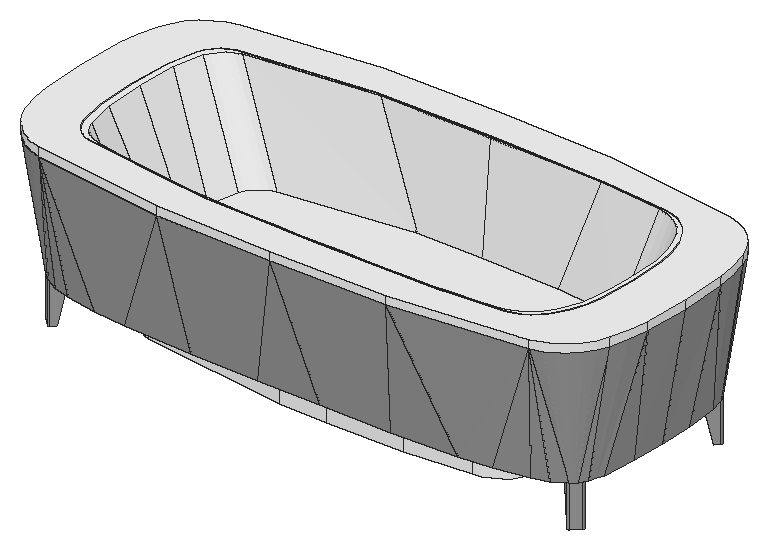
Revit family "Bathtub-FreestandingBathtub-Vitra-WaterJewelsSeries-53500096000", category Plumbing Fixtures, host Face, Revit 2017
Family settings
  Host = Face
  Round Connector Dimension = Use Diameter
  Part Type = Normal
  OmniClass Number = 23.45.05.14.17
  OmniClass Title = Showers
  Cut with Voids When Loaded = No
  Shared = Yes
  Room Calculation Point = No
Parameters (values of type "Bathtub-FreeStandingBathtub-Vitra-WaterJewelsSeries_53500096000")
  Youtube = "https://www.youtube.com/user/VitrAglobal"
  Weight Net (kg) = "60,000"
  Waste Connection = yes
  Warranty Period (Year) = "10 Years"
  Vent Connection = no
  Uniformat II Description = "Plumbing Fixtures"
  Uniformat II Code = "D2010"
  Uniclass 2015 Name = "Baths"
  Uniclass 2015 Code = "Pr_40_20_06_08"
  Uniclass 2.0 Description = "Baths"
  Uniclass 1.4 Description = "Baths"
  Uniclass 2.0 Code = "PR-35-06-08"
  Uniclass 1.4 Code = "L7211"
  URL = "https://vitraglobal.com/"
  UNSPSC Description = "Bathtubs"
  UNSPSC Code = "30181501"
  Technical description = "https://www.vitraglobal.com/showering-areas/bathtubs/acrylic/water-jewels-free-standing-bathtub-sku-53500096000/print"
  Tap hole Options (default) = ""
  Specification = ""
  Secondary Material = Ceramic-White
  Region South America = "All"
  Region Oceania = "All"
  Region North America = "All"
  Region Middle East = "All"
  Region Europe = "All"
  Region Asia = "All"
  Region Antarctica = "All"
  Region Africa = "All"
  Product group = "Free Standing Bathtub"
  Product family = "Floor Mounted Bathtub"
  Product data url = "https://www.vitraglobal.com/showering-areas/bathtubs/acrylic/water-jewels-free-standing-bathtub-sku-53500096000"
  Product certification = "https://vitraglobal.com/catalogues/quality-certificates"
  Product SKU = "53500096000"
  Product Manual = ""
  Product Guid = "https://cdn.vitra.com.tr/501-53500096000-KK.pdf"
  Primary material = Black
  NominalWidth = 1900 mm
  NominalHeight = 560 mm
  Nominal Depth = 900 mm
  MountingType = "Floor Mounted"
  Main Material = "Ceramic"
  Help = ""
  HW Connection = no
  EAN code = ""
  Cost = 0
  OmniClass Description = "Bathtubs"
  OmniClass Code = "23-31 15 00"
  NBS Referans Description = "Baths"
  NBS Referans Code = "35-06-08"
  Model = "53500096000"
  Masterformat 2014 Description = "Residential Bathtubs"
  Masterformat 2014 Code = "22 41 19"
  Manufacturer name = "Vitra"
  Manufacturer = "Vitra"
  Installation instructions = "https://cdn.vitra.com.tr/501-53500096000-MD.pdf"
  IFC Classification = "Sanitary Terminal"
  Design country = "Turkey"
  Description = "VitrA Water Jewels Free Standing Bathtub"
  Default Elevation = 0 mm
  Color = ""
  CW Connection = no
  COBIe Type Category = ""
  Brand = ""
  BIMobject category = "Sanitary - Bath & Spas"
  Article No. (default) = "53500096000"
  Accessories (default) = ""
Reference planes
  plane 1 "Center (Front/Back)": y = 0
  plane 2: z = 0.034
  plane 3 "Center (Left/Right)": x = -7.188
  plane 4: y = 449.999
  plane 5: z = 0
  plane 6: y = -450.001
  plane 7: x = 900
  plane 8: x = -1000
  plane 9: z = 560.034
Forms (mm)
  Blend 1, solid, material "Black" <- "Primary material"
    base sketch origin (894.699, -450, 560.681) x (-1, 0, 0) y (0, -1, 0)
      loop
        arc (171.857, -845.081) -> (376.804, -878.671) -> (583.874, -894.612) r 2426.259
        arc (583.874, -894.612) -> (764.268, -898.474) -> (944.699, -899.762) r 12641.728
        arc (944.699, -899.762) -> (1125.129, -898.474) -> (1305.523, -894.612) r 12641.728
        arc (1305.523, -894.612) -> (1512.593, -878.671) -> (1717.541, -845.081) r 2426.259
        arc (1717.541, -845.081) -> (1809.651, -798.398) -> (1865.73, -711.688) r 198
        arc (1865.73, -711.688) -> (1880.73, -653.581) -> (1888.949, -594.134) r 521
        arc (1888.949, -594.134) -> (1893.264, -522.065) -> (1894.699, -449.881) r 1808.602
        arc (1894.699, -449.881) -> (1893.264, -377.697) -> (1888.949, -305.628) r 1808.602
        arc (1888.949, -305.628) -> (1880.73, -246.181) -> (1865.73, -188.074) r 521
        arc (1865.73, -188.074) -> (1809.651, -101.364) -> (1717.541, -54.681) r 198
        arc (1717.541, -54.681) -> (1512.593, -21.091) -> (1305.523, -5.15) r 2426.259
        arc (1305.523, -5.15) -> (1125.129, -1.288) -> (944.698, 0) r 12641.728
        arc (944.698, 0) -> (764.268, -1.288) -> (583.875, -5.15) r 12641.728
        arc (583.875, -5.15) -> (376.805, -21.091) -> (171.857, -54.681) r 2426.259
        arc (171.857, -54.681) -> (79.747, -101.364) -> (23.668, -188.074) r 198
        arc (23.668, -188.074) -> (8.668, -246.181) -> (0.449, -305.629) r 521
        arc (0.449, -305.629) -> (-3.866, -377.697) -> (-5.301, -449.881) r 1808.602
        arc (-5.301, -449.881) -> (-3.866, -522.065) -> (0.449, -594.134) r 1808.602
        arc (0.449, -594.134) -> (8.668, -653.581) -> (23.668, -711.688) r 521
        arc (23.668, -711.688) -> (79.747, -798.398) -> (171.857, -845.081) r 198
    top sketch origin (-926.432, -450, 130.678) x (0, -1, 0) y (1, 0, 0)
      loop
        line (-237.56, 8.793) -> (-188.355, 23.6) -> (-166.57, 37.234) -> (-148.899, 55.892) -> (-125.066, 101.386) -> (-110.168, 150.681) -> (-92.597, 251.078) -> (-82.982, 352.585) -> (-74.5, 567.461) -> (-72.815, 780.155) -> (-72.819, 975.363) -> (-74.723, 1197.304) -> (-83.07, 1401.599) -> (-93.049, 1505.397) -> (-111.601, 1607.961) -> (-126.479, 1655.137) -> (-150.047, 1698.487) -> (-167.262, 1716.191) -> (-188.247, 1729.207) -> (-235.443, 1743.674) -> (-342.472, 1752.836) -> (-450, 1753.663) -> (-557.528, 1752.836) -> (-664.557, 1743.674) -> (-711.753, 1729.207) -> (-732.738, 1716.191) -> (-749.953, 1698.487) -> (-773.521, 1655.137) -> (-788.399, 1607.961) -> (-806.951, 1505.397) -> (-816.93, 1401.599) -> (-825.277, 1197.304) -> (-827.181, 975.363) -> (-827.185, 780.155) -> (-825.5, 567.461) -> (-817.018, 352.585) -> (-807.403, 251.078) -> (-789.832, 150.681) -> (-774.934, 101.386) -> (-751.102, 55.892) -> (-733.43, 37.234) -> (-711.645, 23.6) -> (-662.44, 8.793) -> (-556.449, 0) -> (-450, -0.795) -> (-343.551, 0) -> (-237.56, 8.793)
    from -25.769 to 0.174
  Extrusion 2, solid, material "Black" <- "Primary material"
    sketch origin (893.373, -448.674, 560.855) x (0, -1, 0) y (-1, 0, 0)
      loop
        line (-209.776, 126.05) -> (-180.867, 96.631)
        arc (-180.867, 96.631) -> (-177.344, 95.136) -> (-173.796, 96.569) r 5
        line (-173.796, 96.569) -> (-149.533, 120.413)
        arc (-149.533, 120.413) -> (-148.037, 123.935) -> (-149.471, 127.483) r 5
        line (-149.471, 127.483) -> (-178.38, 156.902)
        arc (-178.38, 156.902) -> (-181.903, 158.397) -> (-185.451, 156.964) r 5
        line (-185.451, 156.964) -> (-209.714, 133.121)
        arc (-209.714, 133.121) -> (-211.21, 129.598) -> (-209.776, 126.05) r 5
    from 560.681 to 430.003
  Extrusion 3, void
    sketch origin (765.89, -299.203, 560.855) x (-0.713257, 0.700903, 0) y (0, 0, -1)
      loop
        line (46.896, 430.003) -> (54.237, 430.003) -> (54.237, 571.462) -> (14.237, 571.462) -> (46.896, 430.003)
    from 8.489 to -61.819
  Extrusion 4, solid, material "Black" <- "Primary material"
    sketch origin (893.373, 448.436, 560.855) x (0, -1, 0) y (-1, 0, 0)
      loop
        arc (209.776, 126.05) -> (211.21, 129.598) -> (209.714, 133.121) r 5
        line (209.714, 133.121) -> (185.451, 156.964)
        arc (185.451, 156.964) -> (181.903, 158.397) -> (178.38, 156.902) r 5
        line (178.38, 156.902) -> (149.471, 127.483)
        arc (149.471, 127.483) -> (148.037, 123.935) -> (149.533, 120.413) r 5
        line (149.533, 120.413) -> (173.796, 96.569)
        arc (173.796, 96.569) -> (177.344, 95.136) -> (180.867, 96.631) r 5
        line (180.867, 96.631) -> (209.776, 126.05)
    from 560.681 to 430.003
  Extrusion 5, void
    sketch origin (765.89, 298.965, 560.855) x (-0.713257, -0.700903, 0) y (0, 0, 1)
      loop
        line (46.896, -430.003) -> (14.237, -571.462) -> (54.237, -571.462) -> (54.237, -430.003) -> (46.896, -430.003)
    from 8.489 to -61.819
  Extrusion 6, solid, material "Black" <- "Primary material"
    sketch origin (-992.123, -448.674, 560.855) x (0, 1, 0) y (1, 0, 0)
      loop
        arc (209.776, 126.05) -> (211.21, 129.598) -> (209.714, 133.121) r 5
        line (209.714, 133.121) -> (185.451, 156.964)
        arc (185.451, 156.964) -> (181.903, 158.397) -> (178.38, 156.902) r 5
        line (178.38, 156.902) -> (149.471, 127.483)
        arc (149.471, 127.483) -> (148.037, 123.935) -> (149.533, 120.413) r 5
        line (149.533, 120.413) -> (173.796, 96.569)
        arc (173.796, 96.569) -> (177.344, 95.136) -> (180.867, 96.631) r 5
        line (180.867, 96.631) -> (209.776, 126.05)
    from 560.681 to 430.003
  Extrusion 7, void
    sketch origin (-864.64, -299.203, 560.855) x (0.713257, 0.700903, 0) y (0, 0, 1)
      loop
        line (46.896, -430.003) -> (14.237, -571.462) -> (54.237, -571.462) -> (54.237, -430.003) -> (46.896, -430.003)
    from 8.489 to -61.819
  Extrusion 8, solid, material "Black" <- "Primary material"
    sketch origin (-992.123, 448.436, 560.855) x (0, 1, 0) y (1, 0, 0)
      loop
        line (-209.776, 126.05) -> (-180.867, 96.631)
        arc (-180.867, 96.631) -> (-177.344, 95.136) -> (-173.796, 96.569) r 5
        line (-173.796, 96.569) -> (-149.533, 120.413)
        arc (-149.533, 120.413) -> (-148.037, 123.935) -> (-149.471, 127.483) r 5
        line (-149.471, 127.483) -> (-178.38, 156.902)
        arc (-178.38, 156.902) -> (-181.903, 158.397) -> (-185.451, 156.964) r 5
        line (-185.451, 156.964) -> (-209.714, 133.121)
        arc (-209.714, 133.121) -> (-211.21, 129.598) -> (-209.776, 126.05) r 5
    from 560.681 to 430.003
  Extrusion 9, void
    sketch origin (-864.64, 298.965, 560.855) x (0.713257, -0.700903, 0) y (0, 0, -1)
      loop
        line (46.896, 430.003) -> (54.237, 430.003) -> (54.237, 571.462) -> (14.237, 571.462) -> (46.896, 430.003)
    from 8.489 to -61.819
  Extrusion 10, solid, material "Ceramic-White" <- "Secondary Material"
    sketch origin (894.699, -450, 534.912) x (-1, 0, 0) y (0, -1, 0)
      loop
        arc (171.857, -845.081) -> (376.804, -878.671) -> (583.874, -894.612) r 2426.259
        arc (583.874, -894.612) -> (764.268, -898.474) -> (944.699, -899.762) r 12641.728
        arc (944.699, -899.762) -> (1125.129, -898.474) -> (1305.523, -894.612) r 12641.728
        arc (1305.523, -894.612) -> (1512.593, -878.671) -> (1717.541, -845.081) r 2426.259
        arc (1717.541, -845.081) -> (1809.651, -798.398) -> (1865.73, -711.688) r 198
        arc (1865.73, -711.688) -> (1880.73, -653.581) -> (1888.949, -594.134) r 521
        arc (1888.949, -594.134) -> (1893.264, -522.065) -> (1894.699, -449.881) r 1808.602
        arc (1894.699, -449.881) -> (1893.264, -377.697) -> (1888.949, -305.628) r 1808.602
        arc (1888.949, -305.628) -> (1880.73, -246.181) -> (1865.73, -188.074) r 521
        arc (1865.73, -188.074) -> (1809.651, -101.364) -> (1717.541, -54.681) r 198
        arc (1717.541, -54.681) -> (1512.593, -21.091) -> (1305.523, -5.15) r 2426.259
        arc (1305.523, -5.15) -> (1125.129, -1.288) -> (944.699, 0) r 12641.728
        arc (944.699, 0) -> (764.269, -1.288) -> (583.875, -5.15) r 12641.728
        arc (583.875, -5.15) -> (376.805, -21.091) -> (171.857, -54.681) r 2426.259
        arc (171.857, -54.681) -> (79.747, -101.364) -> (23.668, -188.074) r 198
        arc (23.668, -188.074) -> (8.668, -246.181) -> (0.449, -305.629) r 521
        arc (0.449, -305.629) -> (-3.866, -377.697) -> (-5.301, -449.881) r 1808.602
        arc (-5.301, -449.881) -> (-3.866, -522.065) -> (0.449, -594.134) r 1808.602
        arc (0.449, -594.134) -> (8.668, -653.581) -> (23.668, -711.688) r 521
        arc (23.668, -711.688) -> (79.747, -798.398) -> (171.857, -845.081) r 198
      loop
        arc (318.434, -772.007) -> (417.099, -782.148) -> (516.104, -788.124) r 2354.122
        arc (516.104, -788.124) -> (700.389, -791.429) -> (884.699, -792.778) r 17368.999
        arc (884.699, -792.778) -> (1065.803, -791.459) -> (1246.884, -788.252) r 17383.332
        arc (1246.884, -788.252) -> (1445.964, -772.352) -> (1643.041, -740.002) r 2406.998
        arc (1643.041, -740.002) -> (1687.559, -716.558) -> (1714.663, -674.169) r 98.377
        arc (1714.663, -674.169) -> (1726.552, -628.408) -> (1733.702, -581.671) r 461.997
        arc (1733.702, -581.671) -> (1737.528, -516.896) -> (1738.854, -452.022) r 1682.28
        arc (1738.854, -452.022) -> (1737.618, -385.297) -> (1733.733, -318.673) r 1679.577
        arc (1733.733, -318.673) -> (1726.531, -272.04) -> (1714.662, -226.371) r 467.231
        arc (1714.662, -226.371) -> (1687.617, -184.037) -> (1643.198, -160.575) r 98.377
        arc (1643.198, -160.575) -> (1442.471, -127.763) -> (1239.675, -112.214) r 2379.294
        arc (1239.675, -112.214) -> (1062.198, -109.062) -> (884.699, -107.763) r 16996.393
        arc (884.699, -107.763) -> (700.842, -109.107) -> (517.01, -112.408) r 17273.691
        arc (517.01, -112.408) -> (417.551, -118.375) -> (318.434, -128.553) r 2349.572
        arc (318.434, -128.553) -> (258.094, -149.61) -> (211.995, -193.874) r 150
        arc (211.995, -193.874) -> (178.685, -260.883) -> (163.253, -334.106) r 295.843
        arc (163.253, -334.106) -> (159.966, -391.957) -> (158.874, -449.891) r 1529.013
        arc (158.874, -449.891) -> (159.993, -508.93) -> (163.361, -567.883) r 1549.898
        arc (163.361, -567.883) -> (178.93, -640.359) -> (212.005, -706.701) r 296.238
        arc (212.005, -706.701) -> (258.101, -750.955) -> (318.434, -772.007) r 150
    from 0 to 25.769
  Extrusion 11, solid, material "Ceramic-White" <- "Secondary Material"
    sketch origin (741.082, -451.963, 233.667) x (0, 1, 0) y (-1, 0, 0)
      loop
        arc (757.248, 727.619) -> (756.836, 829.233) -> (755.601, 930.841) r 12541.728
        arc (755.601, 930.841) -> (736.564, 1132.676) -> (703.485, 1332.689) r 2902.491
        arc (703.485, 1332.689) -> (679.821, 1375.181) -> (638.642, 1401.062) r 98
        arc (638.642, 1401.062) -> (592.543, 1413.036) -> (545.877, 1422.567) r 904.84
        arc (545.877, 1422.567) -> (498.968, 1424.556) -> (452.022, 1425.255) r 1707.99
        arc (452.022, 1425.255) -> (404.82, 1424.666) -> (357.652, 1422.774) r 1708.264
        arc (357.652, 1422.774) -> (311.517, 1412.933) -> (265.862, 1401.062) r 1066.76
        arc (265.862, 1401.062) -> (224.807, 1375.31) -> (201.111, 1333.034) r 98
        arc (201.111, 1333.034) -> (164.824, 1107.092) -> (148.169, 878.862) r 2649.493
        arc (148.169, 878.862) -> (147.485, 803.242) -> (147.257, 727.619) r 12541.728
        arc (147.257, 727.619) -> (147.826, 608.13) -> (149.534, 488.652) r 12541.728
        arc (149.534, 488.652) -> (157.924, 386.815) -> (168.048, 285.136) r 5993.039
        arc (168.048, 285.136) -> (189.106, 224.795) -> (233.371, 178.698) r 150
        arc (233.371, 178.698) -> (303.601, 144.224) -> (379.944, 127.124) r 332.331
        arc (379.944, 127.124) -> (414.909, 125.963) -> (449.891, 125.578) r 1576.239
        arc (449.891, 125.578) -> (491.579, 126.125) -> (533.237, 127.775) r 1576.239
        arc (533.237, 127.775) -> (604.984, 145.684) -> (671.154, 178.698) r 339.627
        arc (671.154, 178.698) -> (715.419, 224.795) -> (736.476, 285.136) r 150
        arc (736.476, 285.136) -> (746.525, 385.977) -> (754.939, 486.968) r 6256.955
        arc (754.939, 486.968) -> (756.67, 607.288) -> (757.248, 727.619) r 12541.728
    from -102.989 to -195.676
  Extrusion 12, solid
    sketch origin (741.082, -451.963, 37.991) x (-1, 0, 0) y (0, 1, 0)
      loop
        circle (401.082, 451.963) r 26
    from 12.308 to -92.687
  Blend 13, void
    base sketch origin (737.619, -450, 147.734) x (0, 1, 0) y (-1, 0, 0)
      loop
        arc (148.169, 878.862) -> (147.485, 803.242) -> (147.257, 727.619) r 12541.728
        arc (147.257, 727.619) -> (147.826, 608.13) -> (149.534, 488.652) r 12541.728
        arc (149.534, 488.652) -> (157.924, 386.815) -> (168.048, 285.136) r 5993.039
        arc (168.048, 285.136) -> (189.106, 224.795) -> (233.371, 178.698) r 150
        arc (233.371, 178.698) -> (303.601, 144.224) -> (379.944, 127.124) r 332.331
        arc (379.944, 127.124) -> (414.909, 125.963) -> (449.891, 125.578) r 1576.239
        arc (449.891, 125.578) -> (491.579, 126.125) -> (533.237, 127.775) r 1576.239
        arc (533.237, 127.775) -> (604.984, 145.684) -> (671.154, 178.698) r 339.627
        arc (671.154, 178.698) -> (715.419, 224.795) -> (736.476, 285.136) r 150
        arc (736.476, 285.136) -> (746.525, 385.977) -> (754.939, 486.968) r 6256.955
        arc (754.939, 486.968) -> (756.67, 607.288) -> (757.248, 727.619) r 12541.728
        arc (757.248, 727.619) -> (756.836, 829.233) -> (755.601, 930.841) r 12541.728
        arc (755.601, 930.841) -> (736.564, 1132.676) -> (703.485, 1332.689) r 2902.491
        arc (703.485, 1332.689) -> (679.821, 1375.181) -> (638.642, 1401.062) r 98
        arc (638.642, 1401.062) -> (592.543, 1413.036) -> (545.877, 1422.567) r 904.84
        arc (545.877, 1422.567) -> (498.968, 1424.556) -> (452.022, 1425.255) r 1707.99
        arc (452.022, 1425.255) -> (404.82, 1424.666) -> (357.652, 1422.774) r 1708.264
        arc (357.652, 1422.774) -> (311.517, 1412.933) -> (265.862, 1401.062) r 1066.76
        arc (265.862, 1401.062) -> (224.807, 1375.31) -> (201.111, 1333.034) r 98
        arc (201.111, 1333.034) -> (164.824, 1107.092) -> (148.169, 878.862) r 2649.493
    top sketch origin (-934.699, -450, 534.912) x (1, 0, 0) y (0, 1, 0)
      loop
        arc (156.234, 747.18) -> (111.319, 723.782) -> (83.973, 681.157) r 98.475
        arc (83.973, 681.157) -> (72.147, 635.693) -> (65.455, 589.196) r 420.532
        arc (65.455, 589.196) -> (61.239, 520.666) -> (59.78, 452.022) r 1707.99
        arc (59.78, 452.022) -> (61.151, 381.236) -> (65.466, 310.567) r 1708.264
        arc (65.466, 310.567) -> (72.147, 264.069) -> (83.973, 218.605) r 420.532
        arc (83.973, 218.605) -> (111.274, 176.02) -> (156.115, 152.607) r 98.479
        arc (156.115, 152.607) -> (351.884, 120.478) -> (549.68, 105.147) r 2326.259
        arc (549.68, 105.147) -> (747.175, 101.509) -> (944.699, 100) r 18330.876
        arc (944.699, 100) -> (1141.207, 101.497) -> (1337.688, 105.111) r 18233.766
        arc (1337.688, 105.111) -> (1436.678, 110.602) -> (1535.295, 120.791) r 2085.319
        arc (1535.295, 120.791) -> (1595.636, 141.849) -> (1641.733, 186.113) r 150
        arc (1641.733, 186.113) -> (1674.815, 252.49) -> (1689.918, 325.099) r 289.051
        arc (1689.918, 325.099) -> (1693.622, 387.446) -> (1694.853, 449.891) r 1576.239
        arc (1694.853, 449.891) -> (1693.622, 512.336) -> (1689.918, 574.683) r 1576.239
        arc (1689.918, 574.683) -> (1674.815, 647.292) -> (1641.733, 713.668) r 289.051
        arc (1641.733, 713.668) -> (1595.636, 757.933) -> (1535.295, 778.991) r 150
        arc (1535.295, 778.991) -> (1437.053, 789.15) -> (1338.441, 794.647) r 2085.319
        arc (1338.441, 794.647) -> (1141.583, 798.261) -> (944.699, 799.762) r 18342.889
        arc (944.699, 799.762) -> (747.971, 798.264) -> (551.271, 794.669) r 18466.236
        arc (551.271, 794.669) -> (352.735, 779.386) -> (156.234, 747.18) r 2326.259
    from 23.863 to 76.474
  Blend 14, solid, material "Ceramic-White" <- "Secondary Material"
    base sketch origin (737.619, -450, 171.597) x (0, 1, 0) y (-1, 0, 0)
      loop
        arc (703.485, 1332.689) -> (679.821, 1375.181) -> (638.642, 1401.062) r 98
        arc (638.642, 1401.062) -> (592.543, 1413.036) -> (545.877, 1422.567) r 904.84
        arc (545.877, 1422.567) -> (498.968, 1424.556) -> (452.022, 1425.255) r 1707.99
        arc (452.022, 1425.255) -> (404.82, 1424.666) -> (357.652, 1422.774) r 1708.264
        arc (357.652, 1422.774) -> (311.517, 1412.933) -> (265.862, 1401.062) r 1066.76
        arc (265.862, 1401.062) -> (224.807, 1375.31) -> (201.111, 1333.034) r 98
        arc (201.111, 1333.034) -> (164.824, 1107.092) -> (148.169, 878.862) r 2649.493
        arc (148.169, 878.862) -> (147.485, 803.242) -> (147.257, 727.619) r 12541.728
        arc (147.257, 727.619) -> (147.826, 608.13) -> (149.534, 488.652) r 12541.728
        arc (149.534, 488.652) -> (157.924, 386.815) -> (168.048, 285.136) r 5993.039
        arc (168.048, 285.136) -> (189.106, 224.795) -> (233.371, 178.698) r 150
        arc (233.371, 178.698) -> (303.601, 144.224) -> (379.944, 127.124) r 332.331
        arc (379.944, 127.124) -> (414.909, 125.963) -> (449.891, 125.578) r 1576.239
        arc (449.891, 125.578) -> (491.579, 126.125) -> (533.237, 127.775) r 1576.239
        arc (533.237, 127.775) -> (604.984, 145.684) -> (671.154, 178.698) r 339.627
        arc (671.154, 178.698) -> (715.419, 224.795) -> (736.476, 285.136) r 150
        arc (736.476, 285.136) -> (746.525, 385.977) -> (754.939, 486.968) r 6256.955
        arc (754.939, 486.968) -> (756.67, 607.288) -> (757.248, 727.619) r 12541.728
        arc (757.248, 727.619) -> (756.836, 829.233) -> (755.601, 930.841) r 12541.728
        arc (755.601, 930.841) -> (736.564, 1132.676) -> (703.485, 1332.689) r 2902.491
    top sketch origin (894.699, -450, 560.681) x (-1, 0, 0) y (0, -1, 0)
      loop
        arc (1246.884, -788.252) -> (1445.964, -772.352) -> (1643.041, -740.002) r 2406.998
        arc (1643.041, -740.002) -> (1687.559, -716.558) -> (1714.663, -674.169) r 98.377
        arc (1714.663, -674.169) -> (1726.552, -628.408) -> (1733.702, -581.671) r 461.997
        arc (1733.702, -581.671) -> (1737.528, -516.896) -> (1738.854, -452.022) r 1682.28
        arc (1738.854, -452.022) -> (1737.618, -385.297) -> (1733.733, -318.673) r 1679.577
        arc (1733.733, -318.673) -> (1726.531, -272.04) -> (1714.662, -226.371) r 467.231
        arc (1714.662, -226.371) -> (1687.617, -184.037) -> (1643.198, -160.575) r 98.377
        arc (1643.198, -160.575) -> (1442.471, -127.763) -> (1239.675, -112.214) r 2379.294
        arc (1239.675, -112.214) -> (1062.198, -109.062) -> (884.699, -107.763) r 16996.393
        arc (884.699, -107.763) -> (700.842, -109.107) -> (517.01, -112.408) r 17273.691
        arc (517.01, -112.408) -> (417.551, -118.375) -> (318.434, -128.553) r 2349.572
        arc (318.434, -128.553) -> (258.094, -149.61) -> (211.995, -193.874) r 150
        arc (211.995, -193.874) -> (178.685, -260.883) -> (163.253, -334.106) r 295.843
        arc (163.253, -334.106) -> (159.966, -391.957) -> (158.874, -449.891) r 1529.013
        arc (158.874, -449.891) -> (159.993, -508.93) -> (163.361, -567.883) r 1549.898
        arc (163.361, -567.883) -> (178.93, -640.359) -> (212.005, -706.701) r 296.238
        arc (212.005, -706.701) -> (258.101, -750.955) -> (318.434, -772.007) r 150
        arc (318.434, -772.007) -> (417.099, -782.148) -> (516.104, -788.124) r 2354.122
        arc (516.104, -788.124) -> (700.389, -791.429) -> (884.699, -792.778) r 17368.999
        arc (884.699, -792.778) -> (1065.803, -791.459) -> (1246.884, -788.252) r 17383.332
    from 0 to 0
  Blend 15, void
    base sketch origin (741.082, -451.963, 220) x (0, 1, 0) y (-1, 0, 0)
      loop
        arc (703.485, 1332.689) -> (679.821, 1375.181) -> (638.642, 1401.062) r 98
        arc (638.642, 1401.062) -> (592.543, 1413.036) -> (545.877, 1422.567) r 904.84
        arc (545.877, 1422.567) -> (498.968, 1424.556) -> (452.022, 1425.255) r 1707.99
        arc (452.022, 1425.255) -> (404.82, 1424.666) -> (357.652, 1422.774) r 1708.264
        arc (357.652, 1422.774) -> (311.517, 1412.933) -> (265.862, 1401.062) r 1066.76
        arc (265.862, 1401.062) -> (224.807, 1375.31) -> (201.111, 1333.034) r 98
        arc (201.111, 1333.034) -> (164.824, 1107.092) -> (148.169, 878.862) r 2649.493
        arc (148.169, 878.862) -> (147.485, 803.242) -> (147.257, 727.619) r 12541.728
        arc (147.257, 727.619) -> (147.826, 608.13) -> (149.534, 488.652) r 12541.728
        arc (149.534, 488.652) -> (157.924, 386.815) -> (168.048, 285.136) r 5993.039
        arc (168.048, 285.136) -> (189.106, 224.795) -> (233.371, 178.698) r 150
        arc (233.371, 178.698) -> (303.601, 144.224) -> (379.944, 127.124) r 332.331
        arc (379.944, 127.124) -> (414.909, 125.963) -> (449.891, 125.578) r 1576.239
        arc (449.891, 125.578) -> (491.579, 126.125) -> (533.237, 127.775) r 1576.239
        arc (533.237, 127.775) -> (604.984, 145.684) -> (671.154, 178.698) r 339.627
        arc (671.154, 178.698) -> (715.419, 224.795) -> (736.476, 285.136) r 150
        arc (736.476, 285.136) -> (746.525, 385.977) -> (754.939, 486.968) r 6256.955
        arc (754.939, 486.968) -> (756.67, 607.288) -> (757.248, 727.619) r 12541.728
        arc (757.248, 727.619) -> (756.836, 829.233) -> (755.601, 930.841) r 12541.728
        arc (755.601, 930.841) -> (736.564, 1132.676) -> (703.485, 1332.689) r 2902.491
    top sketch origin (898.162, -451.963, 609.084) x (-1, 0, 0) y (0, -1, 0)
      loop
        arc (1246.884, -788.252) -> (1445.964, -772.352) -> (1643.041, -740.002) r 2406.998
        arc (1643.041, -740.002) -> (1687.559, -716.558) -> (1714.663, -674.169) r 98.377
        arc (1714.663, -674.169) -> (1726.552, -628.408) -> (1733.702, -581.671) r 461.997
        arc (1733.702, -581.671) -> (1737.528, -516.896) -> (1738.854, -452.022) r 1682.28
        arc (1738.854, -452.022) -> (1737.618, -385.297) -> (1733.733, -318.673) r 1679.577
        arc (1733.733, -318.673) -> (1726.531, -272.04) -> (1714.662, -226.371) r 467.231
        arc (1714.662, -226.371) -> (1687.617, -184.037) -> (1643.198, -160.575) r 98.377
        arc (1643.198, -160.575) -> (1442.471, -127.763) -> (1239.675, -112.214) r 2379.294
        arc (1239.675, -112.214) -> (1062.198, -109.062) -> (884.699, -107.763) r 16996.393
        arc (884.699, -107.763) -> (700.842, -109.107) -> (517.01, -112.408) r 17273.691
        arc (517.01, -112.408) -> (417.551, -118.375) -> (318.434, -128.553) r 2349.572
        arc (318.434, -128.553) -> (258.094, -149.61) -> (211.995, -193.874) r 150
        arc (211.995, -193.874) -> (178.685, -260.883) -> (163.253, -334.106) r 295.843
        arc (163.253, -334.106) -> (159.966, -391.957) -> (158.874, -449.891) r 1529.013
        arc (158.874, -449.891) -> (159.993, -508.93) -> (163.361, -567.883) r 1549.898
        arc (163.361, -567.883) -> (178.93, -640.359) -> (212.005, -706.701) r 296.238
        arc (212.005, -706.701) -> (258.101, -750.955) -> (318.434, -772.007) r 150
        arc (318.434, -772.007) -> (417.099, -782.148) -> (516.104, -788.124) r 2354.122
        arc (516.104, -788.124) -> (700.389, -791.429) -> (884.699, -792.778) r 17368.999
        arc (884.699, -792.778) -> (1065.803, -791.459) -> (1246.884, -788.252) r 17383.332
    from 13.667 to 0
Cuts and joins
  Extrusion 3 cuts Extrusion 2
  Extrusion 5 cuts Extrusion 4
  Extrusion 7 cuts Extrusion 6
  Extrusion 9 cuts Extrusion 8
  Blend 13 cuts Blend 1
  Blend 15 cuts Blend 14
Dimensions and locks
  "Nominal Depth": plane 4 to plane 6
  "NominalWidth": plane 8 to plane 7
  "NominalHeight": plane 9 to host face
  aligned and locked: plane 2 to host face
  aligned and locked: level to host face
Automatic sketch dimensions
  host sketch curve to host sketch curve = 2438.4 mm  (x2)
  Blend 1 sketch curve to Blend 1 sketch curve = 0 mm  (x22)
  Blend 1 sketch curve to plane 4 = 450.27 mm  (x2)
  Blend 1 sketch curve to plane 4 = 449.966 mm  (x2)
  Blend 1 sketch curve to Blend 1 sketch curve = 126.117 mm  (x2)
  Blend 1 sketch curve to plane 4 = 552.86 mm  (x2)
  Blend 1 sketch curve to Blend 1 sketch curve = 307.578 mm  (x3)
  Blend 1 sketch curve to plane 4 = 347.376 mm  (x2)
  Blend 1 sketch curve to plane 4 = 248.762 mm  (x2)
  Blend 1 sketch curve to Blend 1 sketch curve = 1778.768 mm
  Blend 1 sketch curve to Blend 1 sketch curve = 10211.722 mm  (x2)
  Blend 1 sketch curve to Blend 1 sketch curve = 201.204 mm  (x2)
  Blend 1 sketch curve to plane 6 = 1530.243 mm
  Blend 1 sketch curve to Blend 1 sketch curve = 188.546 mm  (x2)
  plane 1 "Center (Front/Back)" to Blend 1 sketch curve = 261.926 mm
  plane 1 "Center (Front/Back)" to Blend 1 sketch curve = 395.319 mm
  Blend 1 sketch curve to Blend 1 sketch curve = 40.358 mm
  Blend 1 sketch curve to Blend 1 sketch curve = 64.082 mm
  plane 1 "Center (Front/Back)" to Blend 1 sketch curve = 444.85 mm  (x2)
  Blend 1 sketch curve to Blend 1 sketch curve = 64.083 mm  (x2)
  Blend 1 sketch curve to Blend 1 sketch curve = 360.825 mm
  Blend 1 sketch curve to Blend 1 sketch curve = 360.823 mm
  Blend 1 sketch curve to plane 4 = 72.815 mm
  Blend 1 sketch curve to Blend 1 sketch curve = 0.003 mm
  Blend 1 sketch curve to Blend 1 sketch curve = 1.684 mm
  Blend 1 sketch curve to Blend 1 sketch curve = 1.905 mm
  Blend 1 sketch curve to Blend 1 sketch curve = 8.482 mm
  Blend 1 sketch curve to Blend 1 sketch curve = 8.347 mm
  Blend 1 sketch curve to Blend 1 sketch curve = 9.616 mm
  Blend 1 sketch curve to Blend 1 sketch curve = 9.979 mm
  Blend 1 sketch curve to Blend 1 sketch curve = 17.571 mm
  Blend 1 sketch curve to Blend 1 sketch curve = 18.552 mm
  Blend 1 sketch curve to Blend 1 sketch curve = 14.898 mm  (x2)
  Blend 1 sketch curve to Blend 1 sketch curve = 14.878 mm  (x2)
  Blend 1 sketch curve to Blend 1 sketch curve = 23.832 mm  (x2)
  Blend 1 sketch curve to Blend 1 sketch curve = 23.568 mm  (x2)
  Blend 1 sketch curve to Blend 1 sketch curve = 17.671 mm  (x2)
  Blend 1 sketch curve to Blend 1 sketch curve = 17.215 mm  (x2)
  Blend 1 sketch curve to Blend 1 sketch curve = 20.985 mm  (x2)
  Blend 1 sketch curve to Blend 1 sketch curve = 21.786 mm  (x2)
  Blend 1 sketch curve to Blend 1 sketch curve = 47.196 mm  (x2)
  Blend 1 sketch curve to Blend 1 sketch curve = 49.205 mm  (x2)
  Blend 1 sketch curve to Blend 1 sketch curve = 107.028 mm  (x2)
  Blend 1 sketch curve to Blend 1 sketch curve = 105.991 mm  (x2)
  Blend 1 sketch curve to plane 4 = 449.999 mm  (x2)
  Blend 1 sketch curve to plane 4 = 556.448 mm
  Blend 1 sketch curve to plane 4 = 557.528 mm
  plane 1 "Center (Front/Back)" to Blend 1 sketch curve = 356.951 mm
  plane 1 "Center (Front/Back)" to Blend 1 sketch curve = 357.403 mm
  plane 1 "Center (Front/Back)" to Blend 1 sketch curve = 366.93 mm
  plane 1 "Center (Front/Back)" to Blend 1 sketch curve = 367.018 mm
  plane 1 "Center (Front/Back)" to Blend 1 sketch curve = 375.277 mm
  plane 1 "Center (Front/Back)" to Blend 1 sketch curve = 375.5 mm
  plane 1 "Center (Front/Back)" to Blend 1 sketch curve = 377.181 mm
  plane 1 "Center (Front/Back)" to Blend 1 sketch curve = 377.185 mm
  Blend 1 sketch curve to Blend 1 sketch curve = 18.658 mm  (x2)
  Blend 1 sketch curve to Blend 1 sketch curve = 45.494 mm  (x2)
  Blend 1 sketch curve to Blend 1 sketch curve = 49.295 mm  (x2)
  Blend 1 sketch curve to Blend 1 sketch curve = 100.397 mm  (x2)
  Blend 1 sketch curve to Blend 1 sketch curve = 212.694 mm  (x2)
  Blend 1 sketch curve to Blend 1 sketch curve = 195.208 mm  (x2)
  Blend 1 sketch curve to Blend 1 sketch curve = 221.941 mm  (x2)
  Blend 1 sketch curve to Blend 1 sketch curve = 204.295 mm  (x2)
  Blend 1 sketch curve to Blend 1 sketch curve = 103.798 mm  (x2)
  Blend 1 sketch curve to Blend 1 sketch curve = 102.564 mm  (x2)
  Blend 1 sketch curve to Blend 1 sketch curve = 47.176 mm  (x2)
  Blend 1 sketch curve to Blend 1 sketch curve = 43.35 mm  (x2)
  Blend 1 sketch curve to Blend 1 sketch curve = 17.704 mm  (x2)
  Blend 1 sketch curve to Blend 1 sketch curve = 13.016 mm  (x2)
  Blend 1 sketch curve to Blend 1 sketch curve = 14.467 mm  (x2)
  Blend 1 sketch curve to Blend 1 sketch curve = 9.162 mm  (x2)
  Blend 1 sketch curve to Blend 1 sketch curve = 0.827 mm
  Blend 1 to Extrusion 2 sketch curve = 138.272 mm
  Extrusion 2 sketch curve to Extrusion 2 sketch curve = 0.062 mm  (x2)
  Extrusion 2 sketch curve to Extrusion 2 sketch curve = 3.566 mm  (x4)
  Extrusion 2 sketch curve to Extrusion 2 sketch curve = 24.263 mm  (x2)
  Extrusion 2 sketch curve to Extrusion 2 sketch curve = 3.505 mm  (x7)
  Extrusion 2 sketch curve to Extrusion 2 sketch curve = 28.909 mm
  Blend 1 to Extrusion 2 sketch curve = 49.296 mm
  Extrusion 2 sketch curve to Extrusion 2 sketch curve = 23.843 mm  (x3)
  Extrusion 2 sketch curve to Extrusion 2 sketch curve = 27.409 mm
  Extrusion 2 sketch curve to Extrusion 2 sketch curve = 29.419 mm
  Extrusion 3 sketch curve to Extrusion 2 = 0 mm
  Extrusion 2 to Extrusion 3 sketch curve = 14.237 mm
  Extrusion 2 to Extrusion 3 sketch curve = 5.65 mm
  Extrusion 3 sketch curve to Extrusion 3 sketch curve = 7.341 mm
  Extrusion 3 sketch curve to Extrusion 2 = 10.781 mm
  Blend 1 to Extrusion 4 sketch curve = 78.205 mm
  Extrusion 4 sketch curve to Extrusion 4 sketch curve = 0.062 mm  (x2)
  Extrusion 4 sketch curve to Extrusion 4 sketch curve = 3.566 mm  (x5)
  Extrusion 4 sketch curve to Extrusion 4 sketch curve = 24.263 mm  (x2)
  Extrusion 4 sketch curve to Extrusion 4 sketch curve = 3.505 mm  (x8)
  Extrusion 4 sketch curve to Extrusion 4 sketch curve = 28.909 mm
  Blend 1 to Extrusion 4 sketch curve = 49.505 mm
  Extrusion 4 sketch curve to Extrusion 4 sketch curve = 23.843 mm  (x2)
  Extrusion 4 sketch curve to Extrusion 4 sketch curve = 29.419 mm
  Extrusion 5 sketch curve to Extrusion 4 = 0 mm
  Extrusion 4 to Extrusion 5 sketch curve = 14.237 mm
  Extrusion 4 to Extrusion 5 sketch curve = 5.65 mm
  Extrusion 5 sketch curve to Extrusion 5 sketch curve = 7.341 mm
  Extrusion 5 sketch curve to Extrusion 4 = 10.781 mm
  Blend 1 to Extrusion 6 sketch curve = 77.993 mm
  Extrusion 6 sketch curve to Extrusion 6 sketch curve = 0.062 mm  (x2)
  Extrusion 6 sketch curve to Extrusion 6 sketch curve = 3.505 mm  (x9)
  Extrusion 6 sketch curve to Extrusion 6 sketch curve = 24.263 mm  (x2)
  Extrusion 6 sketch curve to Extrusion 6 sketch curve = 28.909 mm
  Extrusion 6 sketch curve to Extrusion 6 sketch curve = 3.566 mm  (x4)
  Blend 1 to Extrusion 6 sketch curve = 49.971 mm
  Extrusion 6 sketch curve to Extrusion 6 sketch curve = 23.843 mm  (x2)
  Extrusion 6 sketch curve to Extrusion 6 sketch curve = 29.419 mm
  Extrusion 6 to Extrusion 7 sketch curve = 0 mm
  Extrusion 6 to Extrusion 7 sketch curve = 14.237 mm
  Extrusion 6 to Extrusion 7 sketch curve = 5.65 mm
  Extrusion 7 sketch curve to Extrusion 7 sketch curve = 7.341 mm
  Extrusion 7 sketch curve to Extrusion 6 = 10.781 mm
  Blend 1 to Extrusion 8 sketch curve = 138.536 mm
  Extrusion 8 sketch curve to Extrusion 8 sketch curve = 0.062 mm  (x2)
  Extrusion 8 sketch curve to Extrusion 8 sketch curve = 3.566 mm  (x6)
  Extrusion 8 sketch curve to Extrusion 8 sketch curve = 24.263 mm  (x2)
  Extrusion 8 sketch curve to Extrusion 8 sketch curve = 3.505 mm  (x5)
  Extrusion 8 sketch curve to Extrusion 8 sketch curve = 28.909 mm
  Blend 1 to Extrusion 8 sketch curve = 50.182 mm
  Extrusion 8 sketch curve to Extrusion 8 sketch curve = 23.843 mm  (x3)
  Extrusion 8 sketch curve to Extrusion 8 sketch curve = 27.409 mm
  Extrusion 8 sketch curve to Extrusion 8 sketch curve = 29.419 mm
  Extrusion 8 to Extrusion 9 sketch curve = 0 mm
  Extrusion 8 to Extrusion 9 sketch curve = 14.237 mm
  Extrusion 8 to Extrusion 9 sketch curve = 5.65 mm
  Extrusion 9 sketch curve to Extrusion 9 sketch curve = 7.341 mm
  Extrusion 9 sketch curve to Extrusion 8 = 10.781 mm
  Extrusion 10 sketch curve to Extrusion 10 sketch curve = 0 mm  (x6)
  Extrusion 10 sketch curve to Extrusion 10 sketch curve = 29.522 mm
  Extrusion 10 sketch curve to Extrusion 10 sketch curve = 2.703 mm
  Extrusion 10 sketch curve to Extrusion 10 sketch curve = 124.337 mm  (x2)
  Extrusion 10 sketch curve to Extrusion 10 sketch curve = 61.664 mm
  Extrusion 10 sketch curve to Extrusion 10 sketch curve = 61.293 mm
  Extrusion 10 sketch curve to Extrusion 10 sketch curve = 58.44 mm
  Extrusion 10 sketch curve to Extrusion 10 sketch curve = 57.991 mm
  Extrusion 10 sketch curve to Extrusion 10 sketch curve = 96.133 mm
  Extrusion 10 sketch curve to Extrusion 10 sketch curve = 95.627 mm
  Extrusion 10 sketch curve to Extrusion 10 sketch curve = 70.001 mm
  Extrusion 10 sketch curve to Extrusion 10 sketch curve = 71.131 mm
  Extrusion 10 sketch curve to Extrusion 10 sketch curve = 68.05 mm
  Extrusion 10 sketch curve to Extrusion 10 sketch curve = 63.657 mm
  Extrusion 10 sketch curve to Extrusion 10 sketch curve = 100.641 mm
  Extrusion 10 sketch curve to Extrusion 10 sketch curve = 95.564 mm
  Extrusion 10 sketch curve to Extrusion 10 sketch curve = 56.2 mm
  Extrusion 10 sketch curve to Extrusion 10 sketch curve = 56.199 mm
  Extrusion 10 sketch curve to Extrusion 10 sketch curve = 115.413 mm
  Extrusion 10 sketch curve to Extrusion 10 sketch curve = 20.885 mm
  Extrusion 10 sketch curve to Extrusion 10 sketch curve = 4462.391 mm
  Extrusion 10 sketch curve to Extrusion 10 sketch curve = 277.301 mm
  Extrusion 10 sketch curve to Extrusion 10 sketch curve = 60.146 mm
  Extrusion 10 sketch curve to Extrusion 10 sketch curve = 30.214 mm
  Extrusion 10 sketch curve to Extrusion 10 sketch curve = 7.108 mm
  Extrusion 10 sketch curve to Extrusion 10 sketch curve = 28.132 mm
  Extrusion 10 sketch curve to Extrusion 10 sketch curve = 10.23 mm
  Extrusion 10 sketch curve to Extrusion 10 sketch curve = 17.358 mm
  Extrusion 10 sketch curve to Extrusion 10 sketch curve = 0.071 mm
  Extrusion 10 sketch curve to Extrusion 10 sketch curve = 0.005 mm
  Extrusion 10 sketch curve to Extrusion 10 sketch curve = 0.293 mm
  Extrusion 10 sketch curve to Extrusion 10 sketch curve = 0.361 mm
  Extrusion 10 sketch curve to Extrusion 10 sketch curve = 19.441 mm
  Extrusion 10 sketch curve to Extrusion 10 sketch curve = 10.874 mm
  Extrusion 10 sketch curve to Extrusion 10 sketch curve = 28.93 mm
  Extrusion 10 sketch curve to Extrusion 10 sketch curve = 7.887 mm
  Extrusion 10 sketch curve to Extrusion 10 sketch curve = 33.945 mm
  Extrusion 10 sketch curve to Extrusion 10 sketch curve = 86.746 mm
  Extrusion 10 sketch curve to Extrusion 10 sketch curve = 4834.219 mm
  Extrusion 10 sketch curve to Extrusion 10 sketch curve = 14.331 mm
  Extrusion 10 sketch curve to Extrusion 10 sketch curve = 72.777 mm
  Extrusion 10 sketch curve to Extrusion 10 sketch curve = 48.961 mm
  Extrusion 10 sketch curve to Extrusion 10 sketch curve = 48.854 mm
  Extrusion 10 sketch curve to Extrusion 10 sketch curve = 40.358 mm  (x2)
  Extrusion 10 sketch curve to Extrusion 10 sketch curve = 0.219 mm
  Extrusion 10 sketch curve to Extrusion 10 sketch curve = 0.209 mm
  Extrusion 10 sketch curve to Extrusion 10 sketch curve = 106.438 mm
  Extrusion 10 sketch curve to Extrusion 10 sketch curve = 106.429 mm
  Extrusion 10 sketch curve to Extrusion 10 sketch curve = 67.77 mm
  Extrusion 10 sketch curve to Extrusion 10 sketch curve = 66.865 mm
  Extrusion 10 sketch curve to Extrusion 10 sketch curve = 300.824 mm
  Extrusion 10 sketch curve to Extrusion 10 sketch curve = 300.825 mm
  Extrusion 10 sketch curve to Extrusion 10 sketch curve = 60 mm
  Extrusion 10 sketch curve to Extrusion 10 sketch curve = 60.001 mm
  Extrusion 10 sketch curve to Extrusion 10 sketch curve = 65.848 mm
  Extrusion 10 sketch curve to Extrusion 10 sketch curve = 58.639 mm
  Extrusion 10 sketch curve to Extrusion 10 sketch curve = 34.142 mm
  Extrusion 10 sketch curve to Extrusion 10 sketch curve = 33.986 mm
  Extrusion 10 sketch curve to Extrusion 10 sketch curve = 37.479 mm  (x2)
  Extrusion 10 sketch curve to Extrusion 10 sketch curve = 56.519 mm
  Extrusion 10 sketch curve to Extrusion 10 sketch curve = 56.55 mm
  Extrusion 10 sketch curve to Extrusion 10 sketch curve = 30.082 mm
  Extrusion 11 sketch curve to Extrusion 11 sketch curve = 0 mm  (x6)
  Extrusion 11 sketch curve to Extrusion 11 sketch curve = 151.243 mm
  Extrusion 11 sketch curve to plane 6 = 11786.442 mm
  Extrusion 11 sketch curve to plane 6 = 5486.379 mm
  Extrusion 11 sketch curve to plane 6 = 2143.783 mm
  Extrusion 11 sketch curve to plane 4 = 606.171 mm
  Extrusion 11 sketch curve to plane 4 = 585.012 mm
  Extrusion 11 sketch curve to plane 4 = 513.757 mm
  Extrusion 11 sketch curve to plane 4 = 488.055 mm
  Extrusion 11 sketch curve to plane 4 = 452.258 mm
  Extrusion 11 sketch curve to plane 4 = 452.221 mm
  Extrusion 11 sketch curve to Extrusion 11 sketch curve = 0.299 mm
  Extrusion 11 sketch curve to Extrusion 11 sketch curve = 0.37 mm
  Extrusion 11 sketch curve to plane 4 = 414.616 mm
  Extrusion 11 sketch curve to plane 4 = 344.89 mm
  Extrusion 11 sketch curve to Extrusion 11 sketch curve = 30.502 mm
  Extrusion 11 sketch curve to plane 4 = 293.249 mm
  Extrusion 11 sketch curve to Extrusion 11 sketch curve = 2187.784 mm
  Extrusion 11 sketch curve to Extrusion 11 sketch curve = 3329.819 mm
  Extrusion 11 sketch curve to Extrusion 11 sketch curve = 6562.668 mm
  Extrusion 11 sketch curve to Extrusion 11 sketch curve = 67.283 mm
  Extrusion 11 sketch curve to Extrusion 11 sketch curve = 6.572 mm
  Extrusion 11 sketch curve to Extrusion 11 sketch curve = 89.467 mm
  Extrusion 11 sketch curve to Extrusion 11 sketch curve = 154.46 mm
  Extrusion 11 sketch curve to Extrusion 11 sketch curve = 71.565 mm
  Extrusion 11 sketch curve to Extrusion 11 sketch curve = 585.989 mm
  Extrusion 11 sketch curve to Extrusion 11 sketch curve = 0.273 mm
  plane 1 "Center (Front/Back)" to Extrusion 11 sketch curve = 304.706 mm
  plane 1 "Center (Front/Back)" to Extrusion 11 sketch curve = 303.794 mm
  plane 1 "Center (Front/Back)" to Extrusion 11 sketch curve = 302.429 mm
  Extrusion 11 sketch curve to Extrusion 11 sketch curve = 148.902 mm
  Extrusion 11 sketch curve to Extrusion 11 sketch curve = 65.322 mm  (x2)
  Extrusion 11 sketch curve to Extrusion 11 sketch curve = 64.751 mm
  Extrusion 11 sketch curve to plane 4 = 544.311 mm
  Extrusion 11 sketch curve to plane 4 = 522.018 mm
  Extrusion 11 sketch curve to plane 4 = 452.071 mm
  Extrusion 11 sketch curve to plane 4 = 449.94 mm
  Extrusion 11 sketch curve to plane 4 = 368.725 mm
  Extrusion 11 sketch curve to Extrusion 11 sketch curve = 93.855 mm
  Extrusion 11 sketch curve to Extrusion 11 sketch curve = 92.765 mm
  Extrusion 11 sketch curve to Extrusion 11 sketch curve = 137.917 mm
  Extrusion 11 sketch curve to Extrusion 11 sketch curve = 18.462 mm
  Extrusion 11 sketch curve to Extrusion 11 sketch curve = 203.222 mm
  Blend 13 sketch curve to plane 6 = 11784.479 mm
  Blend 13 sketch curve to Blend 13 sketch curve = 0 mm  (x13)
  Blend 13 sketch curve to plane 6 = 5484.416 mm
  Blend 13 sketch curve to plane 6 = 2141.82 mm
  Blend 13 sketch curve to plane 4 = 604.208 mm
  Blend 13 sketch curve to plane 4 = 583.049 mm
  Blend 13 sketch curve to plane 4 = 511.794 mm
  Blend 13 sketch curve to plane 4 = 486.092 mm
  Blend 13 sketch curve to plane 4 = 450.295 mm  (x2)
  Blend 13 sketch curve to plane 4 = 450.258 mm  (x2)
  Blend 13 sketch curve to plane 4 = 449.959 mm  (x2)
  Blend 13 sketch curve to plane 4 = 449.925 mm  (x2)
  Blend 13 sketch curve to plane 4 = 412.653 mm
  Blend 13 sketch curve to plane 4 = 342.927 mm
  Blend 13 sketch curve to Blend 13 sketch curve = 30.502 mm
  Blend 13 sketch curve to plane 4 = 291.286 mm
  Blend 13 sketch curve to Blend 13 sketch curve = 2187.784 mm
  Blend 13 sketch curve to Blend 13 sketch curve = 3329.819 mm
  Blend 13 sketch curve to Blend 13 sketch curve = 6562.668 mm
  Blend 13 sketch curve to Blend 13 sketch curve = 67.283 mm
  Blend 13 sketch curve to Blend 13 sketch curve = 6.572 mm
  Blend 13 sketch curve to Blend 13 sketch curve = 89.467 mm
  Blend 13 sketch curve to Blend 13 sketch curve = 154.46 mm
  Blend 13 sketch curve to Blend 13 sketch curve = 71.565 mm
  Blend 13 sketch curve to Blend 13 sketch curve = 585.989 mm
  Blend 13 sketch curve to Blend 13 sketch curve = 0.273 mm  (x2)
  plane 1 "Center (Front/Back)" to Blend 13 sketch curve = 302.743 mm
  plane 1 "Center (Front/Back)" to Blend 13 sketch curve = 301.831 mm
  plane 1 "Center (Front/Back)" to Blend 13 sketch curve = 300.466 mm
  Blend 13 sketch curve to Blend 13 sketch curve = 148.902 mm
  Blend 13 sketch curve to Blend 13 sketch curve = 65.322 mm  (x2)
  Blend 13 sketch curve to Blend 13 sketch curve = 64.751 mm
  Blend 13 sketch curve to plane 4 = 542.348 mm
  Blend 13 sketch curve to plane 4 = 520.055 mm
  Blend 13 sketch curve to plane 4 = 450.108 mm
  Blend 13 sketch curve to plane 4 = 447.977 mm  (x2)
  Blend 13 sketch curve to plane 4 = 366.762 mm
  Blend 13 sketch curve to Blend 13 sketch curve = 93.855 mm
  Blend 13 sketch curve to Blend 13 sketch curve = 92.765 mm
  Blend 13 sketch curve to Blend 13 sketch curve = 137.917 mm
  Blend 13 sketch curve to Blend 13 sketch curve = 18.462 mm
  Blend 13 sketch curve to Blend 13 sketch curve = 151.243 mm
  Blend 13 sketch curve to Blend 13 sketch curve = 203.222 mm
  Blend 13 sketch curve to Blend 13 sketch curve = 81.936 mm
  Blend 13 sketch curve to Blend 13 sketch curve = 83.681 mm
  Blend 13 sketch curve to Blend 13 sketch curve = 641.342 mm  (x2)
  Blend 13 sketch curve to plane 4 = 552.828 mm
  Blend 13 sketch curve to Blend 13 sketch curve = 917.297 mm
  Blend 13 sketch curve to plane 4 = 347.388 mm
  Blend 13 sketch curve to Blend 13 sketch curve = 115.465 mm  (x2)
  Blend 13 sketch curve to Blend 13 sketch curve = 250.593 mm
  Blend 13 sketch curve to plane 4 = 552.964 mm
  Blend 13 sketch curve to Blend 13 sketch curve = 77.478 mm  (x2)
  Blend 13 sketch curve to Blend 13 sketch curve = 201.061 mm
  Blend 13 sketch curve to plane 6 = 1289.605 mm
  Blend 13 sketch curve to Blend 13 sketch curve = 240.638 mm
  Blend 13 sketch curve to Blend 13 sketch curve = 16012.837 mm
  Blend 13 sketch curve to Blend 13 sketch curve = 123.345 mm
  Blend 13 sketch curve to plane 4 = 347.273 mm
  Blend 13 sketch curve to plane 4 = 248.917 mm
  Blend 13 sketch curve to Blend 13 sketch curve = 1559.298 mm
  Blend 13 sketch curve to Blend 13 sketch curve = 240.618 mm
  Blend 13 sketch curve to Blend 13 sketch curve = 15903.716 mm
  Blend 13 sketch curve to Blend 13 sketch curve = 97.108 mm
  Blend 13 sketch curve to Blend 13 sketch curve = 93.77 mm
  Blend 13 sketch curve to Blend 13 sketch curve = 93.774 mm
  Blend 13 sketch curve to Blend 13 sketch curve = 0.011 mm  (x2)
  Blend 13 sketch curve to Blend 13 sketch curve = 58.834 mm
  Blend 13 sketch curve to Blend 13 sketch curve = 72.142 mm
  Blend 13 sketch curve to Blend 13 sketch curve = 72.261 mm
  plane 1 "Center (Front/Back)" to Blend 13 sketch curve = 344.853 mm
  plane 1 "Center (Front/Back)" to Blend 13 sketch curve = 350 mm
  Blend 13 sketch curve to plane 4 = 100.237 mm
  plane 1 "Center (Front/Back)" to Blend 13 sketch curve = 344.889 mm
  Blend 13 sketch curve to Blend 13 sketch curve = 178.735 mm
  plane 1 "Center (Front/Back)" to Blend 13 sketch curve = 329.209 mm
  Blend 13 sketch curve to Blend 13 sketch curve = 18.119 mm
  Blend 13 sketch curve to plane 4 = 574.9 mm
  Blend 13 sketch curve to Blend 13 sketch curve = 4.936 mm
  Blend 14 sketch curve to plane 6 = 11784.479 mm
  Blend 14 sketch curve to Blend 14 sketch curve = 0 mm  (x6)
  Blend 14 sketch curve to plane 6 = 5484.416 mm
  Blend 14 sketch curve to plane 6 = 2141.82 mm
  Blend 14 sketch curve to plane 4 = 604.208 mm
  Blend 14 sketch curve to plane 4 = 583.049 mm
  Blend 14 sketch curve to plane 4 = 511.794 mm
  Blend 14 sketch curve to plane 4 = 486.092 mm
  Blend 14 sketch curve to plane 4 = 450.295 mm
  Blend 14 sketch curve to plane 4 = 450.258 mm
  Blend 14 sketch curve to plane 4 = 449.959 mm
  Blend 14 sketch curve to plane 4 = 449.925 mm
  Blend 14 sketch curve to plane 4 = 412.653 mm
  Blend 14 sketch curve to plane 4 = 342.927 mm
  Blend 14 sketch curve to Blend 14 sketch curve = 30.502 mm
  Blend 14 sketch curve to plane 4 = 291.286 mm
  Blend 14 sketch curve to Blend 14 sketch curve = 2187.784 mm
  Blend 14 sketch curve to Blend 14 sketch curve = 3329.819 mm
  Blend 14 sketch curve to Blend 14 sketch curve = 6562.668 mm
  Blend 14 sketch curve to Blend 14 sketch curve = 67.283 mm
  Blend 14 sketch curve to Blend 14 sketch curve = 6.572 mm
  Blend 14 sketch curve to Blend 14 sketch curve = 89.467 mm
  Blend 14 sketch curve to Blend 14 sketch curve = 154.46 mm
  Blend 14 sketch curve to Blend 14 sketch curve = 71.565 mm
  Blend 14 sketch curve to Blend 14 sketch curve = 585.989 mm
  Blend 14 sketch curve to Blend 14 sketch curve = 0.273 mm
  plane 1 "Center (Front/Back)" to Blend 14 sketch curve = 302.743 mm
  plane 1 "Center (Front/Back)" to Blend 14 sketch curve = 301.831 mm
  plane 1 "Center (Front/Back)" to Blend 14 sketch curve = 300.466 mm
  Blend 14 sketch curve to Blend 14 sketch curve = 148.902 mm
  Blend 14 sketch curve to Blend 14 sketch curve = 65.322 mm  (x2)
  Blend 14 sketch curve to Blend 14 sketch curve = 64.751 mm
  Blend 14 sketch curve to plane 4 = 542.348 mm
  Blend 14 sketch curve to plane 4 = 520.055 mm
  Blend 14 sketch curve to plane 4 = 450.108 mm  (x2)
  Blend 14 sketch curve to plane 4 = 447.977 mm
  Blend 14 sketch curve to plane 4 = 366.762 mm
  Blend 14 sketch curve to Blend 14 sketch curve = 93.855 mm
  Blend 14 sketch curve to Blend 14 sketch curve = 92.765 mm
  Blend 14 sketch curve to Blend 14 sketch curve = 137.917 mm
  Blend 14 sketch curve to Blend 14 sketch curve = 18.462 mm
  Blend 14 sketch curve to Blend 14 sketch curve = 151.243 mm
  Blend 14 sketch curve to Blend 14 sketch curve = 203.222 mm
  Blend 14 sketch curve to plane 4 = 449.895 mm
  Blend 14 sketch curve to plane 4 = 450.256 mm
  Blend 14 sketch curve to Blend 14 sketch curve = 2.703 mm
  Blend 14 sketch curve to Blend 14 sketch curve = 277.273 mm  (x2)
  Blend 14 sketch curve to plane 4 = 622.544 mm
  Blend 14 sketch curve to plane 4 = 541.986 mm
  Blend 14 sketch curve to Blend 14 sketch curve = 121.577 mm
  Blend 14 sketch curve to plane 4 = 357.606 mm
  Blend 14 sketch curve to Blend 14 sketch curve = 121.948 mm
  Blend 14 sketch curve to Blend 14 sketch curve = 70.001 mm
  Blend 14 sketch curve to Blend 14 sketch curve = 71.131 mm
  Blend 14 sketch curve to plane 4 = 533.42 mm
  Blend 14 sketch curve to plane 4 = 364.735 mm
  Blend 14 sketch curve to Blend 14 sketch curve = 5.077 mm
  Blend 14 sketch curve to plane 4 = 450.254 mm
  Blend 14 sketch curve to plane 4 = 449.961 mm
  Blend 14 sketch curve to Blend 14 sketch curve = 20.885 mm
  Blend 14 sketch curve to Blend 14 sketch curve = 80.713 mm
  Blend 14 sketch curve to plane 4 = 255.87 mm
  Blend 14 sketch curve to Blend 14 sketch curve = 1837.114 mm
  Blend 14 sketch curve to Blend 14 sketch curve = 29.932 mm
  Blend 14 sketch curve to Blend 14 sketch curve = 14613.967 mm
  Blend 14 sketch curve to Blend 14 sketch curve = 277.301 mm
  Blend 14 sketch curve to Blend 14 sketch curve = 193.334 mm
  Blend 14 sketch curve to plane 6 = 1564.188 mm
  Blend 14 sketch curve to Blend 14 sketch curve = 52.801 mm
  Blend 14 sketch curve to Blend 14 sketch curve = 14959.195 mm
  Blend 14 sketch curve to Blend 14 sketch curve = 14.331 mm
  Blend 14 sketch curve to Blend 14 sketch curve = 99.596 mm
  Blend 14 sketch curve to Blend 14 sketch curve = 4.379 mm
  Blend 14 sketch curve to plane 4 = 332.116 mm
  Blend 14 sketch curve to Blend 14 sketch curve = 48.742 mm
  Blend 14 sketch curve to Blend 14 sketch curve = 48.645 mm
  Blend 14 sketch curve to Blend 14 sketch curve = 106.438 mm
  Blend 14 sketch curve to Blend 14 sketch curve = 106.429 mm
  Blend 14 sketch curve to Blend 14 sketch curve = 197.67 mm
  plane 1 "Center (Front/Back)" to Blend 14 sketch curve = 337.592 mm
  plane 1 "Center (Front/Back)" to Blend 14 sketch curve = 342.237 mm
  Blend 14 sketch curve to plane 4 = 107.221 mm
  plane 1 "Center (Front/Back)" to Blend 14 sketch curve = 337.786 mm
  Blend 14 sketch curve to Blend 14 sketch curve = 22.057 mm
  Blend 14 sketch curve to Blend 14 sketch curve = 22.214 mm
  Blend 14 sketch curve to Blend 14 sketch curve = 71.465 mm
  Blend 14 sketch curve to Blend 14 sketch curve = 71.621 mm
  Blend 14 sketch curve to Blend 14 sketch curve = 19.04 mm
  Blend 14 sketch curve to Blend 14 sketch curve = 19.071 mm
  Blend 15 sketch curve to plane 6 = 11786.442 mm
  Blend 15 sketch curve to Blend 15 sketch curve = 0 mm  (x6)
  Blend 15 sketch curve to plane 6 = 5486.379 mm
  Blend 15 sketch curve to plane 6 = 2143.783 mm
  Blend 15 sketch curve to plane 4 = 606.171 mm
  Blend 15 sketch curve to plane 4 = 585.012 mm
  Blend 15 sketch curve to plane 4 = 513.757 mm
  Blend 15 sketch curve to plane 4 = 488.055 mm
  Blend 15 sketch curve to plane 4 = 452.258 mm
  Blend 15 sketch curve to plane 4 = 452.221 mm
  Blend 15 sketch curve to Blend 15 sketch curve = 0.299 mm
  Blend 15 sketch curve to Blend 15 sketch curve = 0.37 mm
  Blend 15 sketch curve to plane 4 = 414.616 mm
  Blend 15 sketch curve to plane 4 = 344.89 mm
  Blend 15 sketch curve to Blend 15 sketch curve = 30.502 mm
  Blend 15 sketch curve to plane 4 = 293.249 mm
  Blend 15 sketch curve to Blend 15 sketch curve = 2187.784 mm
  Blend 15 sketch curve to Blend 15 sketch curve = 3329.819 mm
  Blend 15 sketch curve to Blend 15 sketch curve = 6562.668 mm
  Blend 15 sketch curve to Blend 15 sketch curve = 67.283 mm
  Blend 15 sketch curve to Blend 15 sketch curve = 6.572 mm
  Blend 15 sketch curve to Blend 15 sketch curve = 89.467 mm
  Blend 15 sketch curve to Blend 15 sketch curve = 154.46 mm
  Blend 15 sketch curve to Blend 15 sketch curve = 71.565 mm
  Blend 15 sketch curve to Blend 15 sketch curve = 585.989 mm
  Blend 15 sketch curve to Blend 15 sketch curve = 0.273 mm
  plane 1 "Center (Front/Back)" to Blend 15 sketch curve = 304.706 mm
  plane 1 "Center (Front/Back)" to Blend 15 sketch curve = 303.794 mm
  plane 1 "Center (Front/Back)" to Blend 15 sketch curve = 302.429 mm
  Blend 15 sketch curve to Blend 15 sketch curve = 148.902 mm
  Blend 15 sketch curve to Blend 15 sketch curve = 65.322 mm  (x2)
  Blend 15 sketch curve to Blend 15 sketch curve = 64.751 mm
  Blend 15 sketch curve to plane 4 = 544.311 mm
  Blend 15 sketch curve to plane 4 = 522.018 mm
  Blend 15 sketch curve to plane 4 = 452.071 mm  (x2)
  Blend 15 sketch curve to plane 4 = 449.94 mm
  Blend 15 sketch curve to plane 4 = 368.725 mm
  Blend 15 sketch curve to Blend 15 sketch curve = 93.855 mm
  Blend 15 sketch curve to Blend 15 sketch curve = 92.765 mm
  Blend 15 sketch curve to Blend 15 sketch curve = 137.917 mm
  Blend 15 sketch curve to Blend 15 sketch curve = 18.462 mm
  Blend 15 sketch curve to Blend 15 sketch curve = 151.243 mm
  Blend 15 sketch curve to Blend 15 sketch curve = 203.222 mm
  Blend 15 sketch curve to plane 4 = 451.858 mm
  Blend 15 sketch curve to Blend 15 sketch curve = 2.703 mm
  Blend 15 sketch curve to Blend 15 sketch curve = 277.273 mm  (x2)
  Blend 15 sketch curve to plane 4 = 624.507 mm
  Blend 15 sketch curve to plane 4 = 543.949 mm
  Blend 15 sketch curve to Blend 15 sketch curve = 121.577 mm
  Blend 15 sketch curve to plane 4 = 359.569 mm
  Blend 15 sketch curve to Blend 15 sketch curve = 121.948 mm
  Blend 15 sketch curve to Blend 15 sketch curve = 70.001 mm
  Blend 15 sketch curve to Blend 15 sketch curve = 71.131 mm
  Blend 15 sketch curve to plane 4 = 535.383 mm
  Blend 15 sketch curve to plane 4 = 366.698 mm
  Blend 15 sketch curve to Blend 15 sketch curve = 5.077 mm
  Blend 15 sketch curve to plane 4 = 452.217 mm
  Blend 15 sketch curve to plane 4 = 451.924 mm
  Blend 15 sketch curve to Blend 15 sketch curve = 20.885 mm
  Blend 15 sketch curve to Blend 15 sketch curve = 80.713 mm
  Blend 15 sketch curve to plane 4 = 257.833 mm
  Blend 15 sketch curve to Blend 15 sketch curve = 1837.114 mm
  Blend 15 sketch curve to Blend 15 sketch curve = 29.932 mm
  Blend 15 sketch curve to Blend 15 sketch curve = 14613.967 mm
  Blend 15 sketch curve to Blend 15 sketch curve = 277.301 mm
  Blend 15 sketch curve to plane 4 = 452.219 mm
  Blend 15 sketch curve to Blend 15 sketch curve = 193.334 mm
  Blend 15 sketch curve to plane 6 = 1566.151 mm
  Blend 15 sketch curve to Blend 15 sketch curve = 52.801 mm
  Blend 15 sketch curve to Blend 15 sketch curve = 14959.195 mm
  Blend 15 sketch curve to Blend 15 sketch curve = 14.331 mm
  Blend 15 sketch curve to Blend 15 sketch curve = 99.596 mm
  Blend 15 sketch curve to Blend 15 sketch curve = 4.379 mm
  Blend 15 sketch curve to plane 4 = 334.079 mm
  Blend 15 sketch curve to Blend 15 sketch curve = 48.742 mm
  Blend 15 sketch curve to Blend 15 sketch curve = 48.645 mm
  Blend 15 sketch curve to Blend 15 sketch curve = 106.438 mm
  Blend 15 sketch curve to Blend 15 sketch curve = 106.429 mm
  Blend 15 sketch curve to Blend 15 sketch curve = 197.67 mm
  plane 1 "Center (Front/Back)" to Blend 15 sketch curve = 339.555 mm
  plane 1 "Center (Front/Back)" to Blend 15 sketch curve = 344.2 mm
  Blend 15 sketch curve to plane 4 = 109.184 mm
  plane 1 "Center (Front/Back)" to Blend 15 sketch curve = 339.749 mm
  Blend 15 sketch curve to Blend 15 sketch curve = 22.057 mm
